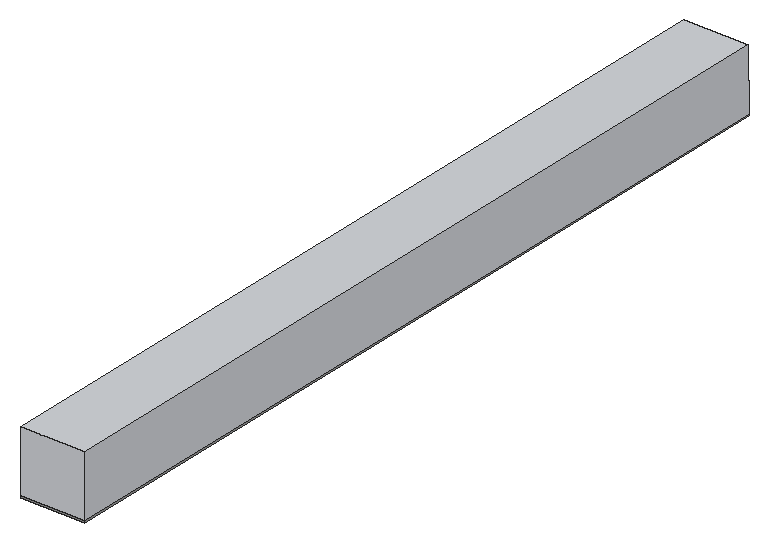
Revit family "ERK9554W_RAD769N", category 照明器具, Revit 2020
Family settings
  丸型コネクタ寸法 = 直径を使用
  パーツ タイプ = 標準
  OmniClass 番号 = 23.80.70.11.14.17
  OmniClass タイトル = Direct/Indirect
  作業面ベース = いいえ
  常に垂直 = いいえ
  ロード時にボイドで切り取り = いいえ
  光源 = いいえ
  共有 = いいえ
  部屋計算ポイント = いいえ
Parameters (values of type "ERK9554W_RAD769N")
  電源種別_記号 = "AC"
  電源種別 = ""
  防災用照明器具電源種別 = ""
  防災用照明器具種類 = ""
  運転質量 = 0.00 kg
  質量 = 0.00 kg
  負荷分類 = 8_照明
  積算_科目2 = "[1_1]照明"
  説明 = "ベースライト ウォールウォッシャー 40Wタイプ"
  誘導灯形式 = ""
  誘導灯仕様 = ""
  認定番号 = ""
  設置方法 = ""
  記号 = ""
  製造元 = "株式会社遠藤照明"
  製品質量 = 0.00 kg
  製品出荷対象 = ""
  製品リリース年月 = "2023.04"
  製品グループ = ""
  背面形式 = ""
  系統 [instance] = ""
  符号 = ""
  積算_科目 = "1 電灯設備"
  積算_拾い区分 = ""
  種別 [instance] = ""
  相 = 1
  皮相負荷 = 0 VA
  用途 = "E_一般照明"
  特殊仕様 [instance] = ""
  照明制御装置の種類 = ""
  法定耐用年数 = ""
  極数 = 1
  材質_本体 = none
  材質_反射板 = none
  材質_ルーバー = none
  材質_カバー = none
  材質 = ""
  既定の高さ = 0 mm
  形式 = "学校"
  平均演色評価数(Ra) = 82
  定格消費電力 = 15.4 W
  定格入力電流 = 0 A
  定格入力電圧 = 0 V
  定格入力容量 = 0 VA
  定格光束 = 2433 lm
  安定器_蛍光灯 = ""
  安定器_定格電圧 = 0 V
  安定器_入力電流 = 0 A
  安定器_入力電力 = 0 W
  安定器_二次電圧 = 0 V
  埋込高さ = "0"
  埋込穴寸法 = "0"
  固有エネルギー消費効率(lm/W) = 157.9
  器具サイズ = ""
  呼称 = "学校"
  周波数 = 0 Hz
  参照している仕様書等のバージョン = ""
  分類コード = "40305100000000"
  分類グループ = ""
  公共型番 = "LSS13-4-21"
  価格 = 40700
  企業コード = "6932"
  付属品 = ""
  仕様書バージョン = ""
  仕様 = ""
  ランプの種類 = "LED"
  ランプ_電流 = 0 A
  ランプ_本数 = 0
  ランプ_定格消費電力 = 0 W
  ランプ_定格消費効率(lm/W) = 0
  ランプ_大きさ = ""
  ランプ_全光束 = 0 lm
  ランプ = "LED"
  モデル = "ERK9554W_RAD769N"
  イメージ(タイプ) = <なし>
  シンボル表示 = yes
  サービススペース表示 = no
  コメント = ""
  グレア分類 = ""
  Keynote = ""
  カバー形状 = ""
  tilte [instance] = 0.00°
  diameter = 0 mm
  Width = 95 mm
  Version = ""
  Uniclass2015Version = ""
  Uniclass2015Title = ""
  Uniclass2015Code = ""
  URL = "https://www.endo-lighting.co.jp/"
  SpecificationReference = ""
  SpecificationDescription = ""
  Revision = ""
  ProductInformation = ""
  OmniClassCode = "23.80.70.11.14.17"
  LED制御装置 = ""
  IfcTypeProduct = ""
  IfcProduct = ""
  IfcExportType = ""
  IfcExportAs = "IfcLightFixtureType"
  Height = 92 mm
  Depth = 1225 mm
  Clearance Top = 0 mm
  Clearance Right = 0 mm
  Clearance Left = 0 mm
  Clearance Front = 0 mm
  Clearance Bottom = 0 mm
  Clearance Back = 0 mm
  Author = "遠藤照明"
Reference planes
  plane 1 "光源軸(正面/背面)": y = 0
  plane 2: z = 0
  plane 3 "光源軸(左/右)": x = 0
  plane 4 "光源高さ": z = -5
  plane 5: z = 0
  plane 6: x = 47.5
  plane 7: x = -47.5
  plane 8: y = 612.5
  plane 9: y = -612.5
Lines and regions (mm)
  symbolic lines, detail levels fine
    curve 1: line (-47.5, -612.5, 0) -> (47.5, -612.5, 0)
    curve 2: line (-47.5, 612.5, 0) -> (-47.5, -612.5, 0)
    curve 3: line (47.5, 612.5, 0) -> (-47.5, 612.5, 0)
    curve 4: line (47.5, -612.5, 0) -> (47.5, 612.5, 0)
Dimensions and locks
  equal spacing: plane 9, plane 1 "光源軸(正面/背面)", plane 8
  "Depth": plane 9 to plane 8
  equal spacing: plane 7, plane 3 "光源軸(左/右)", plane 6
  "Width": plane 7 to plane 6
  aligned and locked: level to plane 2
  aligned and locked: plane 9 to curve 1
  aligned and locked: curve 2 to plane 7
  aligned and locked: curve 3 to plane 8
  aligned and locked: plane 6 to curve 4
Nested families
  nested 1: "line_001_001" at (0, 0, 0) x (1, 0, 0) z (0, -1, 0), type "line_001_001"
    with width 95 mm, tilte 0.00°, height 92 mm, depth 1225 mm
  nested 2: "ies_com_90_r2" at (0, 0, -103) x (0.0003, 1, 0) z (0, 0, -1), type "ies_com_90_r2"
  nested 3: "symbol_line" at (0, 0, 0) x (0, -1, 0) z (0, 0, 1), visible <- "シンボル表示", type "1/100", detail levels coarse+medium
Connectors
  electrical at (0, 0, 0), driven by "極数", driven by "負荷分類", driven by "定格入力電圧", driven by "皮相負荷"
    settings: on nested 1, index 1, voltage 0 V, apparent load 0 VA, apparent load phase1 0 VA, apparent load phase2 0 VA, apparent load phase3 0 VA, power factor 1, load classification "8_照明", number of poles 1, system type 30, power factor state 1, is connector primary yes, connector utility no, sub classification motor no, connector description ""
Definition of nested family "line_001_001"
  Parameters (values of type "line_001_001")
    Default Elevation = 1219.2 mm
    width = 80 mm
    tilte = 30.00°
    height = 50 mm
    depth = 1200 mm
  Reference planes
    plane 1 "中心(正面/背面)": y = 0
    plane 2: z = 0
    plane 3 "中心(左/右)": x = 0
  Dimensions and locks
    "tilte": angle nested 1 to plane 3 "中心(左/右)"
    aligned and locked: level to plane 2
  Nested families
    nested 1: "line_001" at (0, 0, 0) x (0.5, 0.866, 0) z (0, 0, 1), type "line_001"
      with ｌ 60 mm, width 80 mm, height 50 mm, depth 1200 mm
  Definition of nested family "line_001"
    Parameters (values of type "line_001")
      ｌ = height + 10 mm  # 30 mm
      Default Elevation = 0 mm
      width = 50 mm
      height = 20 mm
      depth = 900 mm
    Reference planes
      plane 1 "中心(正面/背面)": y = 0
      plane 2: z = 0
      plane 3 "中心(左/右)": x = 0
      plane 4: x = -20
      plane 5: y = 25
      plane 6: y = -25
      plane 7: z = 450
      plane 8: z = -450
      plane 9: x = -30
      plane 10: y = 1
      plane 11: y = -1
      plane 12: x = -31
    Forms (mm)
      Extrusion 1, solid
        sketch origin (0, 0, 0) x (1, 0, 0) y (0, 1, 0)
          loop
            line (-20, -25) -> (0, -25) -> (0, 25) -> (-20, 25) -> (-20, -25)
        from -450 to 450
      Extrusion 2, solid
        sketch origin (-20, 25, 0) x (0, -1, 0) y (0, 0, 1)
          loop
            line (0, -450) -> (50, -450) -> (50, 450) -> (0, 450) -> (0, -450)
        from 0 to 2
      Extrusion 3, solid
        sketch origin (0, 0, 0) x (1, 0, 0) y (0, 1, 0)
          loop
            line (-31, -1) -> (-30, -1) -> (-30, 1) -> (-31, 1) -> (-31, -1)
        from -1 to 1
    Dimensions and locks
      "height": plane 4 to plane 3 "中心(左/右)"
      equal spacing: plane 6, plane 1 "中心(正面/背面)", plane 5
      "width": plane 6 to plane 5
      equal spacing: plane 7, level, plane 8
      "depth": plane 7 to plane 8
      locked: plane 12 to plane 9 at 1
      "ｌ": plane 9 to plane 3 "中心(左/右)"
      equal spacing: plane 11, plane 1 "中心(正面/背面)", plane 10
      plane 11 to plane 10 = 2 mm
      Extrusion 3 sketch curve to Extrusion 3 sketch curve = 1 mm
      aligned and locked: level to plane 2
      aligned and locked: plane 6 to Extrusion 1 sketch curve
      aligned and locked: Extrusion 1 sketch curve to plane 4
      aligned and locked: Extrusion 1 sketch curve to plane 5
      aligned and locked: plane 3 "中心(左/右)" to Extrusion 1 sketch curve
      aligned and locked: Extrusion 2 sketch curve to Extrusion 1  (x2)
      aligned and locked: plane 7 to Extrusion 1
      aligned and locked: Extrusion 2 to plane 8
      aligned and locked: Extrusion 1 to plane 8
      aligned and locked: plane 11 to Extrusion 3 sketch curve
      aligned and locked: Extrusion 3 sketch curve to plane 10
      aligned and locked: plane 9 to Extrusion 3 sketch curve
    Automatic sketch dimensions
      Extrusion 2 sketch curve to Extrusion 1 = 0 mm  (x2)
Definition of nested family "ies_com_90_r2"
  Parameters (values of type "ies_com_90_r2")
    built-in parameter 1150110 = 1 (stored number, unit not read)
    built-in parameter 1150133 = 10 (stored number, unit not read)
    Dimming Lamp Color Temperature Shift = (empty or 0)
    built-in parameter 1150104 = 13.8 (stored number, unit not read)
    built-in parameter 1150115 = 1 (stored number, unit not read)
    built-in parameter 1150137 = (empty or 0)
    built-in parameter 1150106 = 1.0982 (stored number, unit not read)
    built-in parameter 1150134 = (empty or 0)
    built-in parameter 1150109 = 1 (stored number, unit not read)
    Default Elevation = 1219.2 mm
    built-in parameter 1114218 = 1 (stored number, unit not read)
    built-in parameter 1114217 = 1 (stored number, unit not read)
    built-in parameter 1150102 = (empty or 0)
    built-in parameter 1150107 = 4100 (stored number, unit not read)
    built-in parameter 1150138 = (empty or 0)
    built-in parameter 1150132 = 2
    Lumens = 1380 lm
    built-in parameter 1150105 = 109.82 (stored number, unit not read)
    Tilt Angle = -90.00°
    built-in parameter 1150139 = (empty or 0)
    Wattage = 9.2903 W
    built-in parameter 1150112 = 1 (stored number, unit not read)
    built-in parameter 1150114 = 1 (stored number, unit not read)
    Photometric Web File = "ERK9993WA_1S_30_20_MID(FAD621L).ies"
    built-in parameter 1150113 = 1 (stored number, unit not read)
    Color Filter = 16777215
    built-in parameter 1150142 = "IESNA:LM-63-2002\r\n[TEST] ERK9993WA_FAD621L  NBB3P\r\n[MANUFAC] ENDO LIGHTING CORP.\r\n[LUMCAT] ERK9993WA_FAD621L\r\n[LAMP]??Æ±32_LED_3000K 3000K\r\n[LAMPCAT] ØÆ±32_LED_3000K 2591 lm x1 3000K\r\nTILT=NONE\r\n1 2591 1.0 19 19 1 2 0 0 0\r\n1 1 0\r\n        0        5       10       15       20       25       30       35       40       45       50       55       60       65       70       75       80       85      90\r\n        0        5       10       15       20       25       30       35       40       45       50       55       60       65       70       75       80       85      90\r\n755.6278 760.5407 773.7932 777.5606 765.605 724.5507 665.9748 597.876 521.2388 437.0572 346.6185 257.7607 181.2749 126.8262\r\n96.4402 69.6418 44.5757 20.5697 0.2934\r\n755.6278 760.5407 773.6322 777.3808 765.5104 724.759 666.4765 598.4818 522.0908 438.2026 347.9816 259.0386 182.1742 127.2238\r\n96.6295 69.7554 44.6514 20.5981 0.2934\r\n755.6278 760.3419 772.9412 776.4531 765.2926 725.4027 667.6976 600.1478 524.3721 441.2128 351.5125 262.4464 184.6827 128.3408\r\n96.9513 69.9825 44.7839 20.6549 0.284\r\n755.6278 759.9727 771.9567 774.948 764.6963 725.9801 669.1649 602.2588 527.5053 445.7281 357.1826 268.0692 188.8478 130.1393\r\n97.3678 70.2192 44.9354 20.7496 0.3029\r\n755.6278 759.5278 770.5463 773.0643 763.8065 726.9456 671.6923 605.7044 532.2478 451.9946 364.7839 275.8314 194.8966 132.9318\r\n98.0021 70.6168 45.1247 20.8632 0.3124\r\n755.6278 758.9125 768.5679 770.4138 762.1215 727.8071 674.6173 610.0304 538.2588 460.0218 374.8368 286.3103 203.1889 137.1821\r\n98.9297 71.1942 45.4465 21.0241 0.3313\r\n755.6278 758.2878 766.3718 767.3941 759.5089 728.3466 677.5423 614.5552 544.6105 468.8821 386.2623 299.0611 214.1789 143.5054\r\n100.1225 71.9136 45.7873 21.2324 0.3597\r\n755.6278 757.6441 763.5793 763.8349 755.4479 727.9301 680.0319 619.061 550.8202 477.5814 398.0476 313.1939 227.6207 152.6307\r\n101.9115 72.7182 46.1754 21.4406 0.3786\r\n755.6278 756.9246 760.6069 759.9632 750.0902 726.567 682.0482 623.7183 557.0489 486.1008 409.7098 327.9799 243.1167 164.3023\r\n106.1429 73.769 46.5919 21.6489 0.407\r\n755.6278 756.1674 757.4169 755.6751 743.7574 723.5379 683.3639 628.5176 563.8645 494.9516 421.4193 343.2013 260.449 179.1735\r\n113.1951 75.1699 47.122 21.895 0.4354\r\n755.6278 755.3533 753.9996 750.4404 737.0743 717.65 682.8906 632.2283 570.6422 503.6698 433.0436 358.2144 278.5292 196.8939\r\n124.5922 77.2146 47.974 22.179 0.4638\r\n755.6278 754.7285 750.7812 744.7986 730.7605 709.1211 679.3503 633.7334 576.265 511.6876 443.3711 371.8929 296.2212 216.6401\r\n140.3248 81.2566 49.1951 22.4913 0.4922\r\n755.6278 753.9239 747.7142 738.5321 723.5852 699.7781 671.0675 631.9159 579.7201 518.967 452.6005 383.8106 311.7361 236.1307\r\n159.6639 90.6943 51.0978 22.87 0.5112\r\n755.6278 753.2802 745.0731 732.3413 714.9332 690.6528 658.9983 623.2734 578.0257 522.6493 460.126 393.1915 324.1177 252.5638\r\n179.3249 106.105 54.0228 23.2865 0.5301\r\n755.6278 752.6933 742.9149 726.8794 706.0825 680.0508 647.5255 608.8566 567.1303 519.2036 462.7859 400.2437 333.0253 264.4153\r\n195.3131 123.9864 60.3556 23.9586 0.5396\r\n755.6278 752.2389 741.2205 723.0172 698.6232 669.5814 635.7118 597.043 552.7324 505.705 456.3679 400.8401 338.9889 272.6508\r\n205.9529 138.6872 73.3146 25.7098 0.549\r\n755.6278 751.8887 739.8952 720.1112 693.3128 660.6359 623.1598 581.8689 537.0755 489.7453 438.9788 385.8742 331.6243 273.0389\r\n210.6765 145.3323 83.6894 29.3258 0.5585\r\n755.6278 751.652 739.0527 718.2653 690.0186 655.5905 615.7384 571.3237 523.0658 472.6306 420.2266 366.6108 311.4332 254.7221\r\n197.1495 139.8326 83.3391 32.0899 0.5585\r\n755.6278 751.5101 738.6268 717.4701 688.7501 653.7068 613.2015 568.1337 519.0522 467.3675 413.4299 357.7317 300.5378 242.0281\r\n183.7834 125.3306 70.683 26.8173 0.5585\r\n"
    tilte = 0.00°
    Width = 0 mm
    Height = 0 mm
    Depth = 0 mm
  Reference planes
    plane 1 "中心(正面/背面)": y = 0
    plane 2: z = 0
    plane 3 "中心(左/右)": x = 0
  Forms (mm)
    Extrusion 1, solid
      sketch origin (0, 0, 0) x (1, 0, 0) y (0, 1, 0)
        loop
          line (-1219.2, 1219.2) -> (-1219.2, -1219.2) -> (1219.2, -1219.2) -> (1219.2, 1219.2) -> (-1219.2, 1219.2)
      from 0 to -304.8
  Dimensions and locks
    aligned and locked: plane 2 to Extrusion 1
    aligned and locked: level to Extrusion 1
Definition of nested family "symbol_line"
  Parameters (values of type "1/100")
    縮尺倍率 = if([縮尺1/50], 1.25, if([縮尺1/100], 1, if([縮尺1/200], 0.8, 0)))  # 1
    縮尺1/50 = no
    縮尺1/200 = no
    縮尺1/100 = yes
    W = 12 mm * 縮尺倍率  # 12 mm
    D = 1.5 mm * 縮尺倍率  # 1.5 mm
  Reference planes
    plane 1: y = 0
    plane 2: x = 0
  Lines and regions (mm)
    Masking region 1
      outline origin (0, 0, 0) x (1, 0, 0) y (0, 1, 0)
        loop
          line (-6, 0.75) -> (-6, -0.75) -> (6, -0.75) -> (6, 0.75) -> (-6, 0.75)
    reference lines
      curve 1: line (-304.8, 0.75, 0) -> (304.8, 0.75, 0)
      curve 2: line (304.8, -0.75, 0) -> (-304.8, -0.75, 0)
      curve 3: line (-6, -304.8, 0) -> (-6, 304.8, 0)
      curve 4: line (6, 304.8, 0) -> (6, -304.8, 0)
      curve 5: line (-6, 0.75, 0) -> (6, 0.75, 0)
      curve 6: line (-6, -0.75, 0) -> (-6, 0.75, 0)
      curve 7: line (6, 0.75, 0) -> (6, -0.75, 0)
    detail lines
      curve 8: line (-6, 0.75, 0) -> (6, 0.75, 0)
      curve 9: line (-6, -0.75, 0) -> (-6, 0.75, 0)
      curve 10: line (6, 0.75, 0) -> (6, -0.75, 0)
      curve 11: line (6, -0.75, 0) -> (-6, -0.75, 0)
  Dimensions and locks
    equal spacing: curve 2, plane 1, curve 1, locked at 0.75 each
    equal spacing: curve 3, plane 2, curve 4, locked at 6 each
    "W": curve 3 to curve 4
    "D": curve 2 to curve 1
    aligned and locked: curve 1 to curve 5
    aligned and locked: curve 3 to curve 6
    aligned and locked: curve 4 to curve 7
    aligned and locked: curve 9 to curve 6
    aligned and locked: curve 10 to curve 7
    aligned and locked: curve 1 to curve 8
    aligned and locked: curve 2 to curve 11
    aligned and locked: Masking region 1 sketch curve to curve 8
    aligned and locked: Masking region 1 sketch curve to curve 10
    aligned and locked: Masking region 1 sketch curve to curve 11
    aligned and locked: Masking region 1 sketch curve to curve 9
  Automatic sketch dimensions
    curve 1 to curve 5 = 298.8 mm
    curve 2 to curve 1 = 0 mm  (x2)
    curve 5 to curve 1 = 298.8 mm
    curve 4 to curve 7 = 304.05 mm
    curve 3 to curve 4 = 0 mm  (x2)
    curve 5 to curve 3 = 304.05 mm
